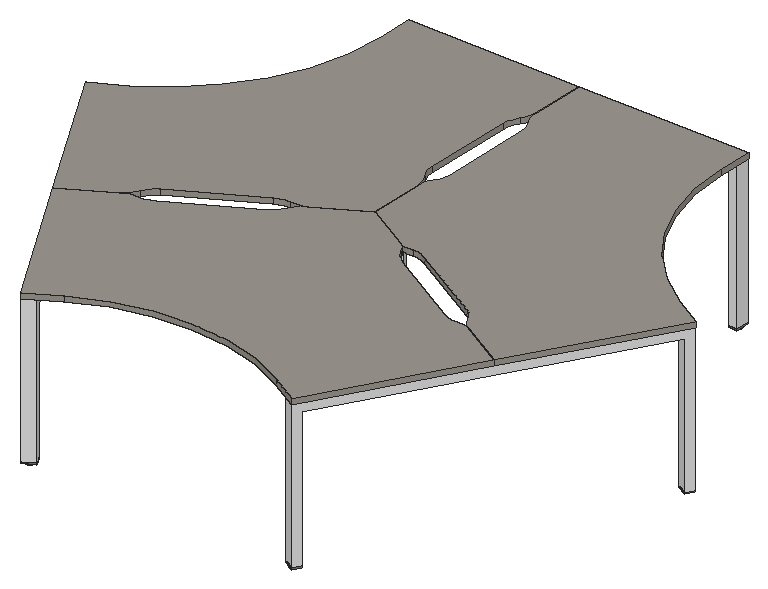
Revit family "120 Degree 3 User Symmetrical Workstation", category Furniture, Revit 2016
Family settings
  OmniClass Number = 23.40.20.00
  OmniClass Title = General Furniture and Specialties
  Work Plane-Based = No
  Always vertical = Yes
  Cut with Voids When Loaded = No
  Shared = No
  Room Calculation Point = No
Parameters
  URL = "www.gof.co.uk"
  Type Comments = ""
  Range = "MESA"
  Product Code = "MESWC1208-3"
  Desktop = Gresham - Nordic Ash
  Model = ""
  Manufacturer = "Gresham Office Furniture"  # constant formula
  Frame = Gresham - Black Metal
  Foot = Gresham - Black Plastic
  Assembly Code = "E2020200"
Reference planes
  plane 1: y = -58.397
  plane 2: z = 0
  plane 3 "Center (Left/Right)": x = 0
  plane 4 "Desktop Underside": z = 702
  plane 5 "Foot": z = 10
  plane 6: y = 588.013
  plane 7: y = -704.808
  plane 8: y = 1788.013
  plane 9: x = -800
  plane 10: x = 800
Forms (mm)
  Extrusion 1, solid, material "Gresham - Nordic Ash" <- "Desktop"
    sketch origin (-2813.985, 1941.512, 702) x (-1, 0, 0) y (0, -1, 0)
      loop
        line (-3030.492, 1478.5) -> (-2813.985, 1353.5) -> (-2597.479, 1478.5)
        arc (-2597.479, 1478.5) -> (-2568.541, 1501.862) -> (-2548.146, 1532.963) r 120
        arc (-2548.146, 1532.963) -> (-2527.751, 1564.064) -> (-2498.813, 1587.426) r 120
        line (-2498.813, 1587.426) -> (-2134.927, 1797.516)
        arc (-2134.927, 1797.516) -> (-2100.226, 1810.895) -> (-2063.094, 1813.008) r 120
        arc (-2063.094, 1813.008) -> (-2025.963, 1815.12) -> (-1991.261, 1828.5) r 120
        line (-1991.261, 1828.5) -> (-1774.755, 1953.5) -> (-2174.755, 2646.32) -> (-2313.985, 2565.935)
        arc (-2313.985, 2565.935) -> (-2813.985, 2431.961) -> (-3313.985, 2565.935) r 1000
        line (-3313.985, 2565.935) -> (-3453.216, 2646.32) -> (-3853.216, 1953.5) -> (-3636.709, 1828.5)
        arc (-3636.709, 1828.5) -> (-3602.008, 1815.12) -> (-3564.876, 1813.008) r 120
        arc (-3564.876, 1813.008) -> (-3527.745, 1810.895) -> (-3493.043, 1797.516) r 120
        line (-3493.043, 1797.516) -> (-3129.158, 1587.426)
        arc (-3129.158, 1587.426) -> (-3100.22, 1564.064) -> (-3079.825, 1532.963) r 120
        arc (-3079.825, 1532.963) -> (-3059.43, 1501.862) -> (-3030.492, 1478.5) r 120
    from 0 to 25
  Sweep 2, solid, material "Gresham - Black Metal" <- "Frame"
    path in 3D
      loop
        line (-785.104, -327.147, 702) -> (0, 126.132, 702) -> (785.104, -327.147, 702)
    profile origin (-392.552, -100.507, 702) x (-0.5, 0.866025, 0) y (0, 0, 1)
      loop
        line (20, 0) -> (-20, 0) -> (-20, -40) -> (20, -40) -> (20, 0)
  Extrusion 3, solid, material "Gresham - Black Metal" <- "Frame"
    sketch origin (48.06, 60.47, 702) x (-1, 0, 0) y (0, -1, 0)
      loop
        line (28.06, -457.543) -> (68.06, -457.543) -> (68.06, -417.543) -> (28.06, -417.543) -> (28.06, -457.543)
    from -692 to -3
  Extrusion 4, solid, material "Gresham - Black Metal" <- "Frame"
    sketch origin (0, 0, 702) x (-1, 0, 0) y (0, -1, 0)
      loop
        line (8.66, -548.013) -> (47.631, -480.513)
        arc (47.631, -480.513) -> (47.631, -470.513) -> (38.971, -465.513) r 10
        line (38.971, -465.513) -> (-38.971, -465.513)
        arc (-38.971, -465.513) -> (-47.631, -470.513) -> (-47.631, -480.513) r 10
        line (-47.631, -480.513) -> (-8.66, -548.013)
        arc (-8.66, -548.013) -> (0, -553.013) -> (8.66, -548.013) r 10
    from 0 to -3
  Extrusion 5, solid, material "Gresham - Black Plastic" <- "Foot"
    sketch origin (0, 0, 10) x (-1, 0, 0) y (0, -1, 0)
      loop
        line (-20, -518.013) -> (20, -518.013) -> (20, -478.013) -> (-20, -478.013) -> (-20, -518.013)
    from 0 to -5
  Extrusion 6, solid, material "Gresham - Black Plastic" <- "Foot"
    sketch origin (0, 0, 10) x (-1, 0, 0) y (0, -1, 0)
      loop
        circle (0, -498.013) r 18
    from -5 to -10
  Extrusion 7, solid, material "Gresham - Nordic Ash" <- "Desktop"
    sketch origin (2579.158, 2348.246, 702) x (0.5, 0.866025, 0) y (-0.866025, 0.5, 0)
      loop
        line (-3030.492, 1478.5) -> (-2813.985, 1353.5) -> (-2597.479, 1478.5)
        arc (-2597.479, 1478.5) -> (-2568.541, 1501.862) -> (-2548.146, 1532.963) r 120
        arc (-2548.146, 1532.963) -> (-2527.751, 1564.064) -> (-2498.813, 1587.426) r 120
        line (-2498.813, 1587.426) -> (-2134.927, 1797.516)
        arc (-2134.927, 1797.516) -> (-2100.226, 1810.895) -> (-2063.094, 1813.008) r 120
        arc (-2063.094, 1813.008) -> (-2025.963, 1815.12) -> (-1991.261, 1828.5) r 120
        line (-1991.261, 1828.5) -> (-1774.755, 1953.5) -> (-2174.755, 2646.32) -> (-2313.985, 2565.935)
        arc (-2313.985, 2565.935) -> (-2813.985, 2431.961) -> (-3313.985, 2565.935) r 1000
        line (-3313.985, 2565.935) -> (-3453.216, 2646.32) -> (-3853.216, 1953.5) -> (-3636.709, 1828.5)
        arc (-3636.709, 1828.5) -> (-3602.008, 1815.12) -> (-3564.876, 1813.008) r 120
        arc (-3564.876, 1813.008) -> (-3527.745, 1810.895) -> (-3493.043, 1797.516) r 120
        line (-3493.043, 1797.516) -> (-3129.158, 1587.426)
        arc (-3129.158, 1587.426) -> (-3100.22, 1564.064) -> (-3079.825, 1532.963) r 120
        arc (-3079.825, 1532.963) -> (-3059.43, 1501.862) -> (-3030.492, 1478.5) r 120
    from 0 to 25
  Sweep 8, solid, material "Gresham - Black Metal" <- "Frame"
    path in 3D
      loop
        line (-400, 1725.513, 702) -> (-400, 818.953, 702) -> (-1185.104, 365.673, 702)
    profile origin (-400, 1272.233, 702) x (1, 0, 0) y (0, 0, 1)
      loop
        line (20, 0) -> (-20, 0) -> (-20, -40) -> (20, -40) -> (20, 0)
  Extrusion 9, solid, material "Gresham - Black Metal" <- "Frame"
    sketch origin (-480.895, 810.163, 702) x (0.5, 0.866025, 0) y (-0.866025, 0.5, 0)
      loop
        line (28.06, -457.543) -> (68.06, -457.543) -> (68.06, -417.543) -> (28.06, -417.543) -> (28.06, -457.543)
    from -692 to -3
  Extrusion 10, solid, material "Gresham - Black Metal" <- "Frame"
    sketch origin (-509.234, 882.019, 702) x (0.5, 0.866025, 0) y (-0.866025, 0.5, 0)
      loop
        line (8.66, -548.013) -> (47.631, -480.513)
        arc (47.631, -480.513) -> (47.631, -470.513) -> (38.971, -465.513) r 10
        line (38.971, -465.513) -> (-38.971, -465.513)
        arc (-38.971, -465.513) -> (-47.631, -470.513) -> (-47.631, -480.513) r 10
        line (-47.631, -480.513) -> (-8.66, -548.013)
        arc (-8.66, -548.013) -> (0, -553.013) -> (8.66, -548.013) r 10
    from 0 to -3
  Extrusion 11, solid, material "Gresham - Black Plastic" <- "Foot"
    sketch origin (-509.234, 882.019, 10) x (0.5, 0.866025, 0) y (-0.866025, 0.5, 0)
      loop
        line (-20, -518.013) -> (20, -518.013) -> (20, -478.013) -> (-20, -478.013) -> (-20, -518.013)
    from 0 to -5
  Extrusion 12, solid, material "Gresham - Black Plastic" <- "Foot"
    sketch origin (-509.234, 882.019, 10) x (0.5, 0.866025, 0) y (-0.866025, 0.5, 0)
      loop
        circle (0, -498.013) r 18
    from -5 to -10
  Extrusion 13, solid, material "Gresham - Nordic Ash" <- "Desktop"
    sketch origin (234.828, -2525.72, 702) x (0.5, -0.866025, 0) y (0.866025, 0.5, 0)
      loop
        line (-3030.492, 1478.5) -> (-2813.985, 1353.5) -> (-2597.479, 1478.5)
        arc (-2597.479, 1478.5) -> (-2568.541, 1501.862) -> (-2548.146, 1532.963) r 120
        arc (-2548.146, 1532.963) -> (-2527.751, 1564.064) -> (-2498.813, 1587.426) r 120
        line (-2498.813, 1587.426) -> (-2134.927, 1797.516)
        arc (-2134.927, 1797.516) -> (-2100.226, 1810.895) -> (-2063.094, 1813.008) r 120
        arc (-2063.094, 1813.008) -> (-2025.963, 1815.12) -> (-1991.261, 1828.5) r 120
        line (-1991.261, 1828.5) -> (-1774.755, 1953.5) -> (-2174.755, 2646.32) -> (-2313.985, 2565.935)
        arc (-2313.985, 2565.935) -> (-2813.985, 2431.961) -> (-3313.985, 2565.935) r 1000
        line (-3313.985, 2565.935) -> (-3453.216, 2646.32) -> (-3853.216, 1953.5) -> (-3636.709, 1828.5)
        arc (-3636.709, 1828.5) -> (-3602.008, 1815.12) -> (-3564.876, 1813.008) r 120
        arc (-3564.876, 1813.008) -> (-3527.745, 1810.895) -> (-3493.043, 1797.516) r 120
        line (-3493.043, 1797.516) -> (-3129.158, 1587.426)
        arc (-3129.158, 1587.426) -> (-3100.22, 1564.064) -> (-3079.825, 1532.963) r 120
        arc (-3079.825, 1532.963) -> (-3059.43, 1501.862) -> (-3030.492, 1478.5) r 120
    from 0 to 25
  Sweep 14, solid, material "Gresham - Black Metal" <- "Frame"
    path in 3D
      loop
        line (1185.104, 365.673, 702) -> (400, 818.953, 702) -> (400, 1725.513, 702)
    profile origin (792.552, 592.313, 702) x (-0.5, -0.866025, 0) y (0, 0, 1)
      loop
        line (20, 0) -> (-20, 0) -> (-20, -40) -> (20, -40) -> (20, 0)
  Extrusion 15, solid, material "Gresham - Black Metal" <- "Frame"
    sketch origin (432.835, 893.405, 702) x (0.5, -0.866025, 0) y (0.866025, 0.5, 0)
      loop
        line (28.06, -457.543) -> (68.06, -457.543) -> (68.06, -417.543) -> (28.06, -417.543) -> (28.06, -457.543)
    from -692 to -3
  Extrusion 16, solid, material "Gresham - Black Metal" <- "Frame"
    sketch origin (509.234, 882.019, 702) x (0.5, -0.866025, 0) y (0.866025, 0.5, 0)
      loop
        line (8.66, -548.013) -> (47.631, -480.513)
        arc (47.631, -480.513) -> (47.631, -470.513) -> (38.971, -465.513) r 10
        line (38.971, -465.513) -> (-38.971, -465.513)
        arc (-38.971, -465.513) -> (-47.631, -470.513) -> (-47.631, -480.513) r 10
        line (-47.631, -480.513) -> (-8.66, -548.013)
        arc (-8.66, -548.013) -> (0, -553.013) -> (8.66, -548.013) r 10
    from 0 to -3
  Extrusion 17, solid, material "Gresham - Black Plastic" <- "Foot"
    sketch origin (509.234, 882.019, 10) x (0.5, -0.866025, 0) y (0.866025, 0.5, 0)
      loop
        line (-20, -518.013) -> (20, -518.013) -> (20, -478.013) -> (-20, -478.013) -> (-20, -518.013)
    from 0 to -5
  Extrusion 18, solid, material "Gresham - Black Plastic" <- "Foot"
    sketch origin (509.234, 882.019, 10) x (0.5, -0.866025, 0) y (0.866025, 0.5, 0)
      loop
        circle (0, -498.013) r 18
    from -5 to -10
Lines and regions (mm)
  model lines
    curve 1: line (-785.104, -327.147, 702) -> (0, 126.132, 702)
    curve 2: line (785.104, -327.147, 702) -> (0, 126.132, 702)
    curve 5: line (-400, 1725.513, 702) -> (-400, 818.953, 702)
    curve 6: line (-1185.104, 365.673, 702) -> (-400, 818.953, 702)
    curve 9: line (1185.104, 365.673, 702) -> (400, 818.953, 702)
    curve 10: line (400, 1725.513, 702) -> (400, 818.953, 702)
  sketch lines
    curve 3: line (-785.104, -327.147, 702) -> (0, 126.132, 702)
    curve 4: line (785.104, -327.147, 702) -> (0, 126.132, 702)
    curve 7: line (-400, 1725.513, 702) -> (-400, 818.953, 702)
    curve 8: line (-1185.104, 365.673, 702) -> (-400, 818.953, 702)
    curve 11: line (1185.104, 365.673, 702) -> (400, 818.953, 702)
    curve 12: line (400, 1725.513, 702) -> (400, 818.953, 702)
Dimensions and locks
  locked: plane 4 "Desktop Underside" to plane 2 at 702
  locked: plane 2 to plane 5 "Foot" at 10
  plane 7 to plane 1 to plane 6 = 646.41 mm, 646.41 mm
  Extrusion 1 sketch curve to Extrusion 1 sketch curve = 1200 mm  (x2)
  Extrusion 1 sketch curve to Extrusion 1 sketch curve = 800 mm  (x2)
  Extrusion 1 sketch curve to Extrusion 1 sketch curve = 250 mm  (x4)
  Extrusion 1 sketch curve to Extrusion 1 sketch curve = 45 mm  (x2)
  locked: Extrusion 1 to nested 1 at 2.5  (x2)
  locked: Extrusion 1 to nested 2 at 2.5  (x2)
  Sweep 2 sketch curve to Extrusion 1 = 40 mm
  Sweep 2 sketch curve to Sweep 2 sketch curve = 40 mm
  plane 7 to plane 6 = 1292.82 mm
  nested 2 to level = 10 mm
  Extrusion 7 sketch curve to Extrusion 7 sketch curve = 1200 mm  (x2)
  Extrusion 7 sketch curve to Extrusion 7 sketch curve = 800 mm  (x2)
  Extrusion 7 sketch curve to Extrusion 7 sketch curve = 250 mm  (x4)
  Extrusion 7 sketch curve to Extrusion 7 sketch curve = 45 mm  (x2)
  Sweep 8 sketch curve to Extrusion 7 = 40 mm
  Sweep 8 sketch curve to Sweep 8 sketch curve = 40 mm
  Extrusion 13 sketch curve to Extrusion 13 sketch curve = 1200 mm  (x2)
  Extrusion 13 sketch curve to Extrusion 13 sketch curve = 800 mm  (x2)
  Extrusion 13 sketch curve to Extrusion 13 sketch curve = 250 mm  (x4)
  Extrusion 13 sketch curve to Extrusion 13 sketch curve = 45 mm  (x2)
  Sweep 14 sketch curve to Extrusion 13 = 40 mm
  Sweep 14 sketch curve to Sweep 14 sketch curve = 40 mm
  radius of Extrusion 6 sketch curve = 18 mm
  radius of Extrusion 12 sketch curve = 18 mm
  radius of Extrusion 18 sketch curve = 18 mm
  aligned and locked: level to plane 2
  aligned and locked: Extrusion 3 to Extrusion 4
  aligned and locked: Extrusion 6 to Extrusion 5
  aligned and locked: Extrusion 9 to Extrusion 10
  aligned and locked: Extrusion 12 to Extrusion 11
  aligned and locked: Extrusion 15 to Extrusion 16
  aligned and locked: Extrusion 18 to Extrusion 17
Nested families
  nested 1: "1600 Mesa Leg" at (692.82, 188.013, 0) x (0.866, -0.5, 0) z (0, 0, 1), type "1600 Mesa Leg"
  nested 2: "1600 Mesa Leg" at (-692.82, 188.013, 0) x (-0.866, -0.5, 0) z (0, 0, 1), type "1600 Mesa Leg"
  nested 3: "1600 Mesa Leg" at (0, 1388.013, 0) x (0, 1, 0) z (0, 0, 1), type "1600 Mesa Leg"
Definition of nested family "1600 Mesa Leg"
  Parameters (values of type "1600 Mesa Leg")
    Width = 800 mm
    URL = "www.gof.co.uk"
    Type Comments = ""
    Range = "MESA"
    Product Code = "1600 Leg"
    Model = ""
    Manufacturer = "Gresham Office Furniture"  # constant formula
    Frame = none
    Foot = none
    Assembly Code = "E2020200"
  Reference planes
    plane 1 "Center (Front/Back)": y = 0
    plane 2: z = 0
    plane 3 "Center (Left/Right)": x = 0
    plane 4: x = -400
    plane 5: x = 400
    plane 6 "Desktop Underside": z = 702
    plane 7: y = 800
    plane 8: y = -800
    plane 9 "Foot": z = 10
  Forms (mm)
    Extrusion 1, solid, material <- "Frame"
      sketch origin (997.5, 311.693, 702) x (0, -1, 0) y (0, 0, 1)
        loop
          line (183.606, 0) -> (-485.807, 0) -> (-485.807, -692) -> (-445.807, -692) -> (-445.807, -40) -> (1069.193, -40) -> (1069.193, -692) -> (1109.193, -692) -> (1109.193, 0) -> (183.606, 0)
      from 600 to 660
    Extrusion 2, solid, material <- "Foot"
      sketch origin (481.991, 484.546, 10) x (-0.707107, 0.707107, 0) y (-0.707107, -0.707107, 0)
        loop
          line (-804.373, 1008.714) -> (-846.799, 966.287) -> (-818.515, 938.003) -> (-776.088, 980.43) -> (-804.373, 1008.714)
        loop
          line (323.463, -119.122) -> (295.178, -90.837) -> (252.752, -133.264) -> (281.036, -161.548) -> (323.463, -119.122)
      from 0 to -5
    Extrusion 3, solid
      sketch origin (487.674, 479.532, 0) x (0.707107, -0.707107, 0) y (0.707107, 0.707107, 0)
        loop
          circle (-295.671, 125.72) r 18
        loop
          circle (803.88, -973.831) r 18
      from 0 to 5
  Dimensions and locks
    locked: plane 6 "Desktop Underside" to plane 2 at 702
    equal spacing: plane 4, plane 3 "Center (Left/Right)", plane 5
    "Width": plane 4 to plane 5
    equal spacing: plane 7, plane 1 "Center (Front/Back)", plane 8
    plane 7 to plane 8 = 1600 mm
    Extrusion 1 sketch curve to Extrusion 1 sketch curve = 40 mm  (x2)
    locked: Extrusion 1 to plane 8 at 2.5
    locked: plane 7 to Extrusion 1 at 2.5
    Extrusion 1 to Extrusion 2 sketch curve = 40 mm
    locked: Extrusion 1 to Extrusion 1 at 60
    locked: plane 7 to Extrusion 3 sketch curve at 22.5
    locked: Extrusion 3 sketch curve to plane 5 at 32.5  (x2)
    locked: Extrusion 3 sketch curve to plane 8 at 22.5
    locked: Extrusion 1 to plane 5 at 2.5
    aligned and locked: level to plane 2
  Automatic sketch dimensions
    Extrusion 1 sketch curve to plane 6 "Desktop Underside" = 0 mm
    Extrusion 1 sketch curve to plane 9 "Foot" = 0 mm  (x2)
    Extrusion 1 sketch curve to plane 1 "Center (Front/Back)" = 128.087 mm
    plane 5 to Extrusion 2 sketch curve = 2.5 mm
    plane 8 to Extrusion 2 sketch curve = 2.5 mm
    Extrusion 2 sketch curve to Extrusion 2 sketch curve = 28.284 mm  (x3)
    Extrusion 2 sketch curve to Extrusion 2 sketch curve = 42.426 mm  (x2)
    Extrusion 2 sketch curve to Extrusion 2 sketch curve = 1071.267 mm
    Extrusion 1 sketch curve to plane 7 = 42.5 mm
    plane 8 to Extrusion 1 sketch curve = 42.5 mm
    Extrusion 1 sketch curve to plane 6 "Desktop Underside" = 40 mm
    radius of Extrusion 3 sketch curve = 18 mm  (x2)
